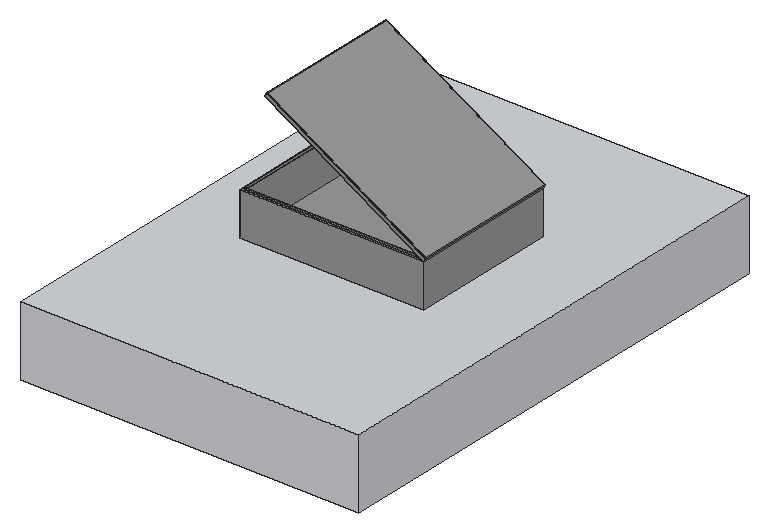
Revit family "Hager-Univers-IP44-D205-H650-Cl.II-Encl-PT-pt", category Equipement électrique, Revit 2020
Family settings
  Hôte = Face
  Configuration du panneau = Deux colonnes, circuits au sein
  Cote de connecteur circulaire = Utiliser le diamètre
  Type d'élément = Tableau de raccordement
  Couper avec des vides une fois chargée = Non
  Partagée = Non
  Point de calcul de pièce = Non
Parameters (values of type "Montagem em superfície (gesso) IP44 L800 A650 P205  - FP43SN2")
  Width Control [instance] = if([EF000008 - Largura] > Min Width, [EF000008 - Largura], Min Width)  # 800 mm
  Commentaires du type = [HG000003 - Gama]  # "Univers"
  Thickness Door [instance] = if([EF009171 - Espessura do material da porta/tampa] > 3 mm, 3 mm, [EF009171 - Espessura do material da porta/tampa])  # 1 mm
  Seal Frame Offset [instance] = 17 mm  # constant formula
  Plinth Visibility [instance] = [HG000027 - Altura da Plinta] > 0 mm  # no
  Model = ""
  Min Width [instance] = 100 mm  # constant formula
  Min Height [instance] = 100 mm  # constant formula
  Min Depth [instance] = (2 * [EF009170 - Espessura do material do invólucro]) + 1 mm  # 3 mm
  Internal Frame Depth [instance] = (Door System Depth * 0.5)  # 9 mm
  Height Control [instance] = if([EF000040 - Altura] > Min Height, [EF000040 - Altura], Min Height)  # 650 mm
  HG000027 - Altura da Plinta = 0 mm
  HG000026 - Instalação no chão = no
  HG000024 - Altura da secção inferior = 800 mm
  HG000023 - Recinto de secção dupla = no
  HG000016 - Visibilidade da porta 3D [instance] = yes
  HG000015 - Visibilidade através da porta [instance] = no
  HG000014 - Porta à direita [instance] = yes
  HG000013 - Porta à esquerda [instance] = not([HG000014 - Porta à direita])  # no
  HG000012 - Ângulo de abertura de porta [instance] = 30.00°
  HG000010 - Portas assimétricas = no
  HG000009 - Porta dupla = no
  HG000006 - Encastrado = no
  HG000004 - Referência do Fabricante = "FP43SN2"
  HG000003 - Gama = "Univers"
  HG000002 - Com porta ou tampa = yes
  Frame Offset Bottom [instance] = 10 mm  # constant formula
  Frame Offset [instance] = 15 mm  # constant formula
  EF015940 - Tampa com libertação de sobrepressão = no
  EF011959 - Grau de proteção (NEMA) = ""
  EF009554 - Número de aberturas para placas de flange = 6
  Fabricant = "Hager"  # constant formula
  EF009212 - Tipo de tampa = "EV000116 - Fechado"
  EF009171 - Espessura do material da porta/tampa = 1 mm
  EF009170 - Espessura do material do invólucro = 1 mm
  EF008873 - Corrente nominal (In) = 250 A
  EF007800 - Adequado para proteção contra raios = no
  EF006306 - Com fecho = no
  EF006244 - Tampa/porta transparente = no
  EF005474 - Grau de proteção (IP) = "EV006418 - IP44"
  EF004464 - Tipo de porta = "EV002646 - Único"
  EF004427 - Número de módulos = 144
  EF004293 - Força de impacto = "EV006815 - IK09"
  EF003532 - Adequado para uso no exterior = no
  EF002950 - Largura em número de módulos = 36
  EF001613 - Integridade do circuito = "EV000494 - Nenhum"
  EF001596 - Material do corpo = "EV000179 - Aço"
  EF001131 - Profundidade interior = 143 mm
  EF001088 - Extensão possível = yes
  EF000437 - Número de entradas de condutores = 6
  EF000339 - Tipo de difusor = "EV001012 - Tampa"
  EF000266 - Número de linhas = 4
  EF000218 - Profundidade incorporada = 205 mm
  EF000118 - Com tampa de montagem = no
  EF000116 - Número RAL = "9010"
  EF000049 - Profundidade = 205 mm
  EF000040 - Altura = 650 mm
  EF000008 - Largura = 800 mm
  EF000007 - Cor = "EV000202 - Branco"
  EF000003 - Método de montagem = "EV000384 - Montagem em superfície (gesso)"
  Door System Leaf Tolerance [instance] = 1.5 mm  # constant formula
  Door System Depth [instance] = 18 mm  # constant formula
  Door Height [instance] = Height Control - [HG000027 - Altura da Plinta]  # 650 mm
  Depth Control [instance] = if([EF000049 - Profundidade] > Min Depth, [EF000049 - Profundidade], Min Depth)  # 205 mm
  Default Elevation = 0 mm
  Connector Offset [instance] = Height Control / 2  # 325 mm
  Bottom Top Plate Trim [instance] = 1.5 mm  # constant formula
  Plinth height Ctrl [instance] = if([HG000027 - Altura da Plinta] > 0 mm, [HG000027 - Altura da Plinta], 12 mm)  # 12 mm
Types (5, lengths in mm): name | Width Control | HG000010 - Portas assimétricas | HG000009 - Porta dupla | HG000004 - Referência do Fabricante | EF009554 - Número de aberturas para placas de flange | EF004464 - Tipo de porta | EF004427 - Número de módulos | EF002950 - Largura em número de módulos | EF000437 - Número de entradas de condutores | EF000008 - Largura
  Montagem em superfície (gesso) IP44 L1050 A650 P205  - FP44SN2 | 1050 | no | yes | "FP44SN2" | 8 | "EV003602 - Duplo" | 192 | 48 | 8 | 1050
  Montagem em superfície (gesso) IP44 L1300 A650 P205  - FP45SN2 | 1300 | yes | yes | "FP45SN2" | 10 | "EV003602 - Duplo" | 240 | 60 | 10 | 1300
  Montagem em superfície (gesso) IP44 L300 A650 P205  - FP41SN2 | 300 | no | no | "FP41SN2" | 2 | "EV002646 - Único" | 48 | 12 | 2 | 300
  Montagem em superfície (gesso) IP44 L550 A650 P205  - FP42SN2 | 550 | no | no | "FP42SN2" | 4 | "EV002646 - Único" | 96 | 24 | 4 | 550
  Montagem em superfície (gesso) IP44 L800 A650 P205  - FP43SN2 | 800 | no | no | "FP43SN2" | 6 | "EV002646 - Único" | 144 | 36 | 6 | 800
Reference planes
  plane 1 "Center (Front/Back)": y = 0
  plane 2: z = 0
  plane 3 "Center (Left/Right)": x = 0
  plane 4: z = 205
  plane 5: y = 1
  plane 6: y = 325
  plane 7: y = 0
  plane 8: y = 650
  plane 9: z = 0
  plane 10: x = -385
  plane 11: x = 385
  plane 12: x = 384
  plane 13: x = -384
  plane 14: y = 649
  plane 15: x = -383
  plane 16: x = -400
  plane 17: x = 383
  plane 18: x = 400
  plane 19: x = 399
  plane 20: x = -399
  plane 21: y = 11
  plane 22: y = 650
  plane 23: y = 634
  plane 24: z = 187
  plane 25: z = 1
  plane 26: z = 186
  plane 27: z = 204
Forms (mm)
  Extrusion 1, solid
    sketch origin (0, 0, 0) x (1, 0, 0) y (0, 1, 0)
      loop
        line (-702.964, 1305) -> (-702.964, -811.445) -> (766.763, -811.445) -> (766.763, 1305) -> (-702.964, 1305)
    from 0 to -304.8
  Extrusion 2, solid, material "Hager_Steel_RAL7035_Light_Grey", visible <- "Plinth Visibility", detail levels medium+fine
    sketch origin (0, 0, 0) x (1, 0, 0) y (0, 1, 0)
      loop
        line (-400, 0) -> (400, 0) -> (400, 12) -> (-400, 12) -> (-400, 0)
    from 0 to 187
  Extrusion 3, solid, material "Hager_Steel_RAL7035_Light_Grey", detail levels medium+fine
    sketch origin (0, 0, 0) x (1, 0, 0) y (0, 1, 0)
      loop
        line (-400, 0) -> (400, 0) -> (400, 650) -> (-400, 650) -> (-400, 0)
    from 0 to 187
  Extrusion 4, void
    sketch origin (0, 0, 0) x (1, 0, 0) y (0, 1, 0)
      loop
        line (-399, 1) -> (399, 1) -> (399, 649) -> (-399, 649) -> (-399, 1)
    from 1 to 186
  Extrusion 5, void
    sketch origin (-381.607, -4572, 187) x (0, -1, 0) y (-1, 0, 0)
      loop
        line (-4583, 2.393) -> (-5206, 2.393) -> (-5206, -765.607) -> (-4583, -765.607) -> (-4583, 2.393)
    from 0 to 1 <- "EF009170 - Espessura do material do invólucro"
  Extrusion 6, solid, material "Hager_Steel_RAL7035_Light_Grey", detail levels fine
    sketch origin (0, 0, 187) x (1, 0, 0) y (0, 1, 0)
      loop
        line (-384, 634) -> (-384, 11) -> (384, 11) -> (384, 634) -> (-384, 634)
      loop
        line (-385, 10) -> (385, 10) -> (385, 635) -> (-385, 635) -> (-385, 10)
    from 0 to 9 <- "Internal Frame Depth"
  Extrusion 7, solid, material "Hager_Steel_RAL7035_Light_Grey", detail levels coarse
    sketch origin (0, 0, 0) x (1, 0, 0) y (0, 1, 0)
      loop
        line (-400, 0) -> (400, 0) -> (400, 650) -> (-400, 650) -> (-400, 0)
    from 0 to 205
  Sweep 8, void
    path in 3D
      loop
        line (-400, 12, 0) -> (400, 12, 0) -> (400, 12, 187) -> (-400, 12, 187) -> (-400, 12, 0)
    profile origin (-400, 12, 93.5) x (-1, 0, 0) y (0, -1, 0)
      loop
        line (0, 0) -> (0, 1.5) -> (-1.5, 1.5)
        arc (-1.5, 1.5) -> (-1.061, 0.439) -> (0, 0) r 1.5
Cuts and joins
  Extrusion 4, Extrusion 5 cuts Extrusion 3
  Sweep 8 cuts Extrusion 2
Lines and regions (mm)
  Masking region 1
    outline origin (0, 0, 0) x (1, 0, 0) y (0, 0, 1)
      loop
        line (-400, 205) -> (-400, 0) -> (400, 0) -> (400, 205) -> (-400, 205)
  Masking region 2, detail levels medium+fine
    outline origin (0, 140, 0) x (0, 1, 0) y (0, 0, 1)
      loop
        line (-140, 0) -> (510, 0) -> (510, 187) -> (-140, 187) -> (-140, 0)
  Masking region 3, not visible, detail levels medium+fine
    outline origin (0, 297.922, 0) x (0, 1, 0) y (0, 0, 1)
      loop
        line (38.578, 0) -> (78.578, 0) -> (78.578, 194)
        arc (78.578, 194) -> (75.649, 201.071) -> (68.578, 204) r 10
        line (68.578, 204) -> (38.578, 204) -> (38.578, 0)
  Masking region 4, detail levels coarse
    outline origin (0, 0, 180) x (0, 1, 0) y (0, 0, 1)
      loop
        line (0, -180) -> (650, -180) -> (650, 25) -> (0, 25) -> (0, -180)
  Masking region 5, visible <- "Plinth Visibility", detail levels medium+fine
    outline origin (0, 52.24, 12.345) x (0, 0, -1) y (0, 1, 0)
      loop
        line (10.845, -40.24) -> (-173.155, -40.24)
        arc (-173.155, -40.24) -> (-173.594, -41.301) -> (-174.655, -41.74) r 1.5
        line (-174.655, -41.74) -> (-174.655, -52.24) -> (12.345, -52.24) -> (12.345, -41.74)
        arc (12.345, -41.74) -> (11.285, -41.301) -> (10.845, -40.24) r 1.5
  Masking region 6, detail levels medium+fine
    outline origin (-381.607, -4572, 187) x (-1, 0, 0) y (0, -1, 0)
      loop
        line (18.393, -5222) -> (18.393, -4572) -> (-781.607, -4572) -> (-781.607, -5222) -> (18.393, -5222)
  Masking region 7, visible <- "Plinth Visibility", detail levels medium+fine
    outline origin (-381.607, -4727, 187) x (-1, 0, 0) y (0, -1, 0)
      loop
        arc (16.893, -4739) -> (17.332, -4737.939) -> (18.393, -4737.5) r 1.5
        line (18.393, -4737.5) -> (18.393, -4727) -> (-781.607, -4727) -> (-781.607, -4737.5)
        arc (-781.607, -4737.5) -> (-780.546, -4737.939) -> (-780.107, -4739) r 1.5
        line (-780.107, -4739) -> (16.893, -4739)
  Masking region 8, detail levels coarse
    outline origin (-442.548, -4669.526, 187) x (-1, 0, 0) y (0, -1, 0)
      loop
        line (-42.548, -5319.526) -> (-42.548, -4669.526) -> (-842.548, -4669.526) -> (-842.548, -5319.526) -> (-42.548, -5319.526)
  sketch lines
    curve 1: line (-400, 12, 187) -> (-400, 12, 0)
    curve 2: line (400, 12, 187) -> (-400, 12, 187)
    curve 3: line (400, 12, 187) -> (400, 12, 0)
    curve 4: line (-400, 12, 0) -> (400, 12, 0)
Dimensions and locks
  "Depth Control": plane 4 to Extrusion 1
  "HG000027 - Altura da Plinta": plane 1 "Center (Front/Back)" to plane 7
  "EF009170 - Espessura do material do invólucro": plane 5 to plane 7
  locked: connector elem to plane 3 "Center (Left/Right)"
  equal spacing: plane 8, plane 6, plane 7
  locked: connector elem to plane 6
  "EF009170 - Espessura do material do invólucro": plane 8 to plane 14
  "EF009170 - Espessura do material do invólucro": plane 10 to plane 13
  "EF009170 - Espessura do material do invólucro": plane 12 to plane 11
  "Frame Offset": plane 20 to plane 13
  "Frame Offset": plane 12 to plane 19
  "EF009170 - Espessura do material do invólucro": plane 16 to plane 20
  "EF009170 - Espessura do material do invólucro": plane 19 to plane 18
  "Seal Frame Offset": plane 16 to plane 15
  "Seal Frame Offset": plane 17 to plane 18
  "Frame Offset Bottom": plane 21 to plane 5
  "Frame Offset": plane 14 to plane 23
  equal spacing: plane 16, plane 3 "Center (Left/Right)", plane 18
  "Width Control": plane 16 to plane 18
  "EF009170 - Espessura do material do invólucro": plane 4 to plane 27
  "EF009170 - Espessura do material do invólucro": plane 24 to plane 26
  "EF009170 - Espessura do material do invólucro": plane 25 to level
  "Door System Depth": plane 4 to plane 24
  "Height Control": plane 1 "Center (Front/Back)" to Extrusion 7 sketch curve
  "Height Control": Masking region 4 sketch curve to plane 1 "Center (Front/Back)"
  "Height Control": plane 1 "Center (Front/Back)" to plane 22
  "Bottom Top Plate Trim": profile plane to Sweep 8 sketch curve
  "Bottom Top Plate Trim": Sweep 8 sketch curve to profile plane
  "Plinth height Ctrl": plane 1 "Center (Front/Back)" to Extrusion 2 sketch curve
  "Plinth height Ctrl": Masking region 5 sketch curve to plane 1 "Center (Front/Back)"
  "Plinth height Ctrl": plane 1 "Center (Front/Back)" to Masking region 7 sketch curve
  "Thickness Door": Extrusion 6 sketch curve to Extrusion 6 sketch curve  (x3)
  "Thickness Door": cut or joined group of Extrusion 3, Extrusion 4, Extrusion 5 to Extrusion 6 sketch curve
  radius of Masking region 3 sketch curve = 10 mm
  "Bottom Top Plate Trim": radius of Masking region 5 sketch curve  (x2)
  "Bottom Top Plate Trim": radius of Sweep 8 sketch curve
  "Bottom Top Plate Trim": radius of Masking region 7 sketch curve  (x2)
  aligned and locked: plane 2 to Extrusion 1
  aligned and locked: level to Extrusion 1
  aligned and locked: level to Masking region 1 sketch curve
  aligned and locked: Masking region 1 sketch curve to plane 18
  aligned and locked: Masking region 1 sketch curve to plane 16
  aligned and locked: plane 7 to Masking region 2 sketch curve
  aligned and locked: level to Masking region 3 sketch curve
  aligned and locked: Masking region 3 sketch curve to plane 27
  aligned and locked: level to Masking region 2 sketch curve
  aligned and locked: plane 1 "Center (Front/Back)" to Extrusion 2 sketch curve
  aligned and locked: Extrusion 3 sketch curve to plane 7
  aligned and locked: plane 16 to Extrusion 3 sketch curve
  aligned and locked: plane 18 to Extrusion 3 sketch curve
  aligned and locked: plane 20 to Extrusion 4 sketch curve
  aligned and locked: plane 19 to Extrusion 4 sketch curve
  aligned and locked: Extrusion 4 sketch curve to plane 5
  aligned and locked: Extrusion 4 to plane 25
  aligned and locked: plane 26 to Extrusion 4
  aligned and locked: plane 24 to Extrusion 3
  aligned and locked: Extrusion 5 sketch curve to plane 21
  aligned and locked: Extrusion 5 sketch curve to plane 13
  aligned and locked: Extrusion 5 sketch curve to plane 12
  aligned and locked: plane 18 to Extrusion 7 sketch curve
  aligned and locked: plane 1 "Center (Front/Back)" to Extrusion 7 sketch curve
  aligned and locked: plane 16 to Extrusion 7 sketch curve
  aligned and locked: plane 4 to Extrusion 7
  aligned and locked: Extrusion 7 to level
  aligned and locked: level to Masking region 4 sketch curve
  aligned and locked: Masking region 4 sketch curve to plane 1 "Center (Front/Back)"
  aligned and locked: Masking region 4 sketch curve to plane 4
  aligned and locked: nested 1 to level
  aligned and locked: nested 1 to plane 16
  aligned and locked: plane 8 to Extrusion 3 sketch curve
  aligned and locked: plane 23 to Extrusion 5 sketch curve
  aligned and locked: plane 14 to Extrusion 4 sketch curve
  aligned and locked: Masking region 2 sketch curve to plane 8
  aligned and locked: level to Masking region 5 sketch curve
  aligned and locked: plane 16 to Extrusion 2 sketch curve
  aligned and locked: plane 18 to Extrusion 2 sketch curve
  aligned and locked: Masking region 5 sketch curve to plane 24
  aligned and locked: Masking region 2 sketch curve to plane 24
  aligned and locked: plane 24 to Extrusion 2
  aligned and locked: profile plane to Sweep 8 sketch curve  (x2)
  aligned and locked: Masking region 6 sketch curve to plane 18
  aligned and locked: Masking region 6 sketch curve to plane 22
  aligned and locked: Masking region 6 sketch curve to plane 16
  aligned and locked: plane 8 to plane 22
  aligned and locked: Masking region 6 sketch curve to plane 7
  aligned and locked: Masking region 7 sketch curve to plane 16
  aligned and locked: Masking region 7 sketch curve to plane 1 "Center (Front/Back)"
  aligned and locked: Masking region 7 sketch curve to plane 18
  aligned and locked: Masking region 8 sketch curve to plane 1 "Center (Front/Back)"
  aligned and locked: Masking region 8 sketch curve to plane 18
  aligned and locked: Masking region 8 sketch curve to plane 22
  aligned and locked: Masking region 8 sketch curve to plane 16
  aligned and locked: nested 2 to plane 7
  aligned and locked: plane 3 "Center (Left/Right)" to nested 2
  aligned and locked: nested 2 to plane 24
  aligned and locked: Extrusion 6 sketch curve to cut or joined group of Extrusion 3, Extrusion 4, Extrusion 5  (x4)
Automatic sketch dimensions
  Extrusion 1 sketch curve to Extrusion 1 sketch curve = 1469.727 mm
  Extrusion 1 sketch curve to Extrusion 1 sketch curve = 2116.445 mm
  Masking region 1 sketch curve to plane 4 = 0 mm
  plane 6 to Masking region 3 sketch curve = 11.5 mm
  Masking region 3 sketch curve to Masking region 3 sketch curve = 30 mm
  Masking region 5 sketch curve to plane 1 "Center (Front/Back)" = 0 mm
Nested families
  nested 1: "Hager_Enclosure_Symbol" at (-400, 0, 0) x (1, 0, 0) z (0, -1, 0), Height <- "Depth Control", Width <- "Width Control", type "Hager_Enclosure_Symbol"
    with Width_Ctrl 800 mm, Width 800 mm, Height_Ctrl 205 mm, Height 205 mm, A_Width_Int 13.453 mm, A_Width 161.438 mm, A_Height_Ctrl 179.375 mm, A_Height 179.375 mm
  nested 2: "EC000058_Univers_Door" at (0, 0, 187) x (1, 0, 0) z (0, 1, 0), Leaf_Tolerance <- "Door System Leaf Tolerance", Angle <- "HG000012 - Ângulo de abertura de porta", Door_Depth <- "Door System Depth", Door_Left <- "HG000013 - Porta à esquerda", Transparent <- "EF006244 - Tampa/porta transparente", Assymetrical <- "HG000010 - Portas assimétricas", Width <- "Width Control", Clearance <- "HG000015 - Visibilidade através da porta", Double <- "HG000009 - Porta dupla", 3d_Door <- "HG000016 - Visibilidade da porta 3D", Lock_Visibility <- "EF006306 - Com fecho", Width_Ctrl <- "Width Control", Door_Right <- "HG000014 - Porta à direita", Door <- "HG000002 - Com porta ou tampa", Height <- "Door Height", Thickness <- "Thickness Door", type "EC000058_Univers_Door", detail levels medium+fine
    with min_wh 3 mm, Width_Ctrl 800 mm, Width 800 mm, Transparent no, Thickness 1 mm, Seal_Material Hager_Rubber, Lock_Visibility no, Lock_Material Hager_Plastic_RAL9005_Jet_Black, Leaf_Width 800 mm, Leaf_Tolerance_External_Sides 0 mm, Leaf_Tolerance 1.5 mm, Leaf_Offset 0 mm, Leaf_Height 647 mm, Leaf_2_Width 800 mm, Leaf_2_Offset 400 mm, Leaf_1_Width 800 mm, Leaf_1_Offset 400 mm, Height_Ctrl 650 mm, Height 650 mm, Glass_Material Hager_Glass, Double_Clearance_Ctrl no, Double no, Door_Right_Ctrl yes, Door_Right yes, Door_Material Hager_Steel_RAL7035_Light_Grey, Door_Left_Ctrl no, Door_Left no, Door_Depth 18 mm, Door yes, Clearance_Material Hager_Clearance, Clearance_Depth 800 mm, Clearance_Ctrl no, Clearance no, Assymetrical no, Angle 30.00°, 3d_Door yes
Connectors
  electrical at (0, 325, 0)
    settings: on plane 9, index 1, voltage 0 V, apparent load 0 VA, apparent load phase1 0 VA, apparent load phase2 0 VA, apparent load phase3 0 VA, power factor 1, load classification "Other", number of poles 1, system type 30, power factor state 1, is connector primary yes, connector utility no, sub classification motor no, connector description ""
Definition of nested family "EC000058_Univers_Door"
  Parameters (values of type "EC000058_Univers_Door")
    min_wh [instance] = (2 * Thickness) + 1 mm  # 11 mm
    Width_Ctrl [instance] = 400 mm
    Width [instance] = 500 mm
    Transparent [instance] = yes
    Thickness [instance] = 5 mm
    Seal_Material [instance] = none
    Lock_Visibility [instance] = yes
    Lock_Material [instance] = none
    Leaf_Width [instance] = if((Width_Ctrl - 2 * Leaf_Tolerance_External_Sides) > 0 mm, (Width_Ctrl - 2 * Leaf_Tolerance_External_Sides), min_wh)  # 400 mm
    Leaf_Tolerance_External_Sides [instance] = 0 mm  # constant formula
    Leaf_Tolerance [instance] = 1.5 mm
    Leaf_Offset [instance] = 0 mm  # constant formula
    Leaf_Height [instance] = if((Height_Ctrl - 2 * Leaf_Tolerance) > 0 mm, (Height_Ctrl - 2 * Leaf_Tolerance), min_wh)  # 497 mm
    Leaf_2_Width [instance] = if(and(and(Double, Assymetrical), Door_Left), (Leaf_Width / 3) - (Leaf_Tolerance / 2), if(and(and(Double, Assymetrical), Door_Right), (Leaf_Width / 3) * 2 - (Leaf_Tolerance / 2), if(and(Double, not(Assymetrical)), (Leaf_Width / 2) - Leaf_Tolerance, Leaf_Width)))  # 400 mm
    Leaf_2_Offset [instance] = if(and(Double, Assymetrical), Leaf_2_Width / 2, if(and(Double, not(Assymetrical)), Leaf_Width / 4, Leaf_Width / 2))  # 200 mm
    Leaf_1_Width [instance] = if(and(and(Double, Assymetrical), Door_Right), (Leaf_Width / 3) - (Leaf_Tolerance / 2), if(and(and(Double, Assymetrical), Door_Left), (Width / 3) * 2 - (Leaf_Tolerance / 2), if(and(Double, not(Assymetrical)), (Leaf_Width / 2) - Leaf_Tolerance, Leaf_Width)))  # 400 mm
    Leaf_1_Offset [instance] = if(and(Double, Assymetrical), Leaf_1_Width / 2, if(and(Double, not(Assymetrical)), Leaf_Width / 4, Leaf_Width / 2))  # 200 mm
    Height_Ctrl [instance] = if(Height > min_wh, Height, min_wh)  # 500 mm
    Height [instance] = 500 mm
    Glass_Material [instance] = none
    Double_Clearance_Ctrl [instance] = and(Double, Clearance)  # no
    Double [instance] = no
    Door_Right_Ctrl [instance] = and(or(Door_Right, Double), Door)  # yes
    Door_Right [instance] = yes
    Door_Material [instance] = none
    Door_Left_Ctrl [instance] = and(or(Door_Left, Double), Door)  # no
    Door_Left [instance] = no
    Door_Depth [instance] = 30 mm
    Door [instance] = yes
    Default Elevation = 1219.2 mm
    Clearance_Material [instance] = none
    Clearance_Depth [instance] = if(Leaf_1_Width > Leaf_2_Width, Leaf_1_Width, Leaf_2_Width)  # 400 mm
    Clearance_Ctrl [instance] = and(not(Double), Clearance)  # yes
    Clearance [instance] = yes
    Assymetrical [instance] = yes
    Angle [instance] = 30.00°
    3d_Door [instance] = yes
  Reference planes
    plane 1 "Center (Front/Back)": y = 0
    plane 2 "Bottom": z = 0
    plane 3 "Center (Left/Right)": x = 0
    plane 4: z = 500
    plane 5: x = -200
    plane 6: x = 200
    plane 7: z = 500
    plane 8: x = -200
    plane 9: z = 0
    plane 10: x = 200
    plane 11: y = 0
    plane 12: z = 1.5
    plane 13: x = -600
    plane 14: y = -400
    plane 15: x = 600
    plane 16: x = 0
    plane 17: x = 0
    plane 18: x = -200
    plane 19: x = 200
    plane 20: z = 498.5
  Forms (mm)
    Extrusion 1, solid, material <- "Clearance_Material", visible <- "Double_Clearance_Ctrl"
      sketch origin (1200, 0, 0) x (1, 0, 0) y (0, 0, -1)
        loop
          line (-1800, -498.5) -> (-600, -498.5) -> (-600, 0) -> (-1800, 0) -> (-1800, -498.5)
      from 0 to -400
  Dimensions and locks
    equal spacing: plane 5, plane 3 "Center (Left/Right)", plane 6
    "Width_Ctrl": plane 5 to plane 6
    "Leaf_Offset": plane 5 to plane 8
    "Leaf_Offset": plane 6 to plane 10
    "Leaf_Offset": plane 9 to level
    "Leaf_Offset": plane 4 to plane 7
    "Height_Ctrl": plane 4 to level
    "Leaf_Tolerance": plane 12 to plane 9
    locked: plane 11 to plane 1 "Center (Front/Back)"
    "Leaf_1_Offset": plane 18 to plane 16
    "Leaf_2_Offset": plane 17 to plane 19
    "Leaf_1_Width": plane 13 to plane 8
    "Leaf_2_Width": plane 10 to plane 15
    "Clearance_Depth": plane 14 to plane 1 "Center (Front/Back)"
    "Leaf_Tolerance_External_Sides": plane 8 to plane 18
    "Leaf_Tolerance_External_Sides": plane 19 to plane 10
    "Leaf_Tolerance": plane 7 to plane 20
    aligned and locked: level to plane 2 "Bottom"
    aligned and locked: nested 1 to plane 16
    aligned and locked: nested 2 to plane 17
    aligned and locked: Extrusion 1 to plane 13
    aligned and locked: plane 15 to Extrusion 1
    aligned and locked: Extrusion 1 to plane 14
    aligned and locked: plane 12 to nested 1
    aligned and locked: nested 2 to plane 12
    aligned and locked: Extrusion 1 to plane 11
    aligned and locked: plane 20 to Extrusion 1
    aligned and locked: nested 2 to plane 11
    aligned and locked: nested 1 to plane 11
  Automatic sketch dimensions
    Extrusion 1 sketch curve to level = 0 mm
    plane 5 to Extrusion 1 sketch curve = 400 mm
    plane 6 to Extrusion 1 sketch curve = 400 mm
    Extrusion 1 sketch curve to plane 4 = 1.5 mm
  Nested families
    nested 1: "EC000058_Univers_Door_Leaf" at (0, 0, 1.5), Width <- "Leaf_1_Width", visible <- "Door_Left_Ctrl", Leaf_Height <- "Leaf_Height", Angle <- "Angle", 3d_Door <- "3d_Door", Transparent <- "Transparent", Clearance Material <- "Clearance_Material", Clearance <- "Clearance_Ctrl", Door_Material <- "Door_Material", Glass_Material <- "Glass_Material", Door_Depth <- "Door_Depth", Lock_Material <- "Lock_Material", Seal_Material <- "Seal_Material", Lock_Visibility <- "Lock_Visibility", Thickness <- "Thickness", type "EC000058_Univers_Door_Leaf"
      with Width 400 mm, Transparent_Glass_Offset 30 mm, Transparent_Ctrl yes, Transparent yes, Thickness 5 mm, Standard no, Seal_Material none, Seal_D2 8 mm, Seal_D1 1 mm, Offset_Internal_Frame 10 mm, Lock_Width 20 mm, Lock_Visibility_3d yes, Lock_Visibility yes, Lock_Thickness_3 3 mm, Lock_Thickness_2 1 mm, Lock_Thickness_1 3 mm, Lock_Radius_Offset_2 16 mm, Lock_Radius_Offset_1 15 mm, Lock_Radius_2 5 mm, Lock_Radius 6 mm, Lock_Offset 5 mm, Lock_Material none, Lock_Height 80 mm, Lock_Cover_Top_Offset_2d 17 mm, Lock_Cover_Height -65 mm, Leaf_Height 497 mm, Internal_Seal_Thickness 8 mm, Internal_Seal_Depth_2 4.5 mm, Internal_Frame_Depth 25 mm, Glass_Thickness -1 mm, Glass_Offset -2 mm, Glass_Material none, Door_Material none, Door_Depth 30 mm, Clearance Material none, Clearance yes, Angle_Ctrl 30.00°, Angle 30.00°, 3d_Door yes
    nested 2: "EC000058_Univers_Door_Leaf" at (0, 0, 1.5) x (-1, 0, 0) z (0, 0, 1), Width <- "Leaf_2_Width", visible <- "Door_Right_Ctrl", Leaf_Height <- "Leaf_Height", Angle <- "Angle", 3d_Door <- "3d_Door", Transparent <- "Transparent", Clearance Material <- "Clearance_Material", Clearance <- "Clearance_Ctrl", Door_Material <- "Door_Material", Glass_Material <- "Glass_Material", Door_Depth <- "Door_Depth", Lock_Material <- "Lock_Material", Seal_Material <- "Seal_Material", Lock_Visibility <- "Lock_Visibility", Thickness <- "Thickness", type "EC000058_Univers_Door_Leaf"
      with Width 400 mm, Transparent_Glass_Offset 30 mm, Transparent_Ctrl yes, Transparent yes, Thickness 5 mm, Standard no, Seal_Material none, Seal_D2 8 mm, Seal_D1 1 mm, Offset_Internal_Frame 10 mm, Lock_Width 20 mm, Lock_Visibility_3d yes, Lock_Visibility yes, Lock_Thickness_3 3 mm, Lock_Thickness_2 1 mm, Lock_Thickness_1 3 mm, Lock_Radius_Offset_2 16 mm, Lock_Radius_Offset_1 15 mm, Lock_Radius_2 5 mm, Lock_Radius 6 mm, Lock_Offset 5 mm, Lock_Material none, Lock_Height 80 mm, Lock_Cover_Top_Offset_2d 17 mm, Lock_Cover_Height -65 mm, Leaf_Height 497 mm, Internal_Seal_Thickness 8 mm, Internal_Seal_Depth_2 4.5 mm, Internal_Frame_Depth 25 mm, Glass_Thickness -1 mm, Glass_Offset -2 mm, Glass_Material none, Door_Material none, Door_Depth 30 mm, Clearance Material none, Clearance yes, Angle_Ctrl 30.00°, Angle 30.00°, 3d_Door yes
  Definition of nested family "EC000058_Univers_Door_Leaf"
    Parameters (values of type "EC000058_Univers_Door_Leaf")
      Width [instance] = 2000 mm
      Transparent_Glass_Offset [instance] = 30 mm
      Transparent_Ctrl [instance] = and(Transparent, [3d_Door])  # yes
      Transparent [instance] = yes
      Thickness [instance] = 5 mm
      Standard [instance] = and(not(Transparent), [3d_Door])  # no
      Seal_Material [instance] = none
      Seal_D2 [instance] = 8 mm  # constant formula
      Seal_D1 [instance] = 1 mm  # constant formula
      Offset_Internal_Frame [instance] = 10 mm  # constant formula
      Lock_Width [instance] = 20 mm  # constant formula
      Lock_Visibility_3d [instance] = and(Lock_Visibility, [3d_Door])  # yes
      Lock_Visibility [instance] = yes
      Lock_Thickness_3 [instance] = 3 mm  # constant formula
      Lock_Thickness_2 [instance] = 1 mm  # constant formula
      Lock_Thickness_1 [instance] = 3 mm  # constant formula
      Lock_Radius_Offset_2 [instance] = Lock_Radius_Offset_1 + 1 mm  # 16 mm
      Lock_Radius_Offset_1 [instance] = 15 mm  # constant formula
      Lock_Radius_2 [instance] = Lock_Radius - 1 mm  # 5 mm
      Lock_Radius [instance] = 6 mm  # constant formula
      Lock_Offset [instance] = 5 mm  # constant formula
      Lock_Material [instance] = none
      Lock_Height [instance] = 80 mm  # constant formula
      Lock_Cover_Top_Offset_2d [instance] = Lock_Radius_Offset_2 + 1 mm  # 17 mm
      Lock_Cover_Height [instance] = -(Lock_Height - Lock_Radius_Offset_1)  # -65 mm
      Leaf_Height [instance] = 2720.336 mm
      Internal_Seal_Thickness [instance] = 8 mm  # constant formula
      Internal_Seal_Depth_2 [instance] = 4.5 mm  # constant formula
      Internal_Frame_Depth [instance] = if(Door_Depth - Thickness > 5 mm, Door_Depth - Thickness, 5 mm)  # 25 mm
      Glass_Thickness [instance] = if(Thickness > 15 mm, Glass_Offset + 10 mm, -1 mm)  # -1 mm
      Glass_Offset [instance] = if(Thickness > 15 mm, -(Thickness + 10 mm) / 2, -2 mm)  # -2 mm
      Glass_Material [instance] = none
      Door_Material [instance] = none
      Door_Depth [instance] = 30 mm
      Default Elevation = 0 mm
      Clearance Material [instance] = none
      Clearance [instance] = yes
      Angle_Ctrl [instance] = if(Angle > 180.00°, 180.00°, Angle)  # 90.00°
      Angle [instance] = 90.00°
      3d_Door [instance] = yes
    Reference planes
      plane 1 "Center (Front/Back)": y = 0
      plane 2: z = 0
      plane 3 "Center (Left/Right)": x = 0
      plane 4: y = 2000
      plane 5: x = -1000
      plane 6: x = 1000
      plane 7: x = -3000
      plane 8: z = 2720.336
      plane 9: z = 30
      plane 10: z = 2690.336
      plane 11: x = 970
      plane 12: x = -970
      plane 13: y = -3
      plane 14: z = 107.833
      plane 15: y = -5
      plane 16: y = -223.314
      plane 17: x = -1000
      plane 18: z = 1360.168
      plane 19: y = 30
    Forms (mm)
      Extrusion 1, solid, material <- "Clearance Material", visible <- "Clearance"
        sketch origin (0, 0, 0) x (1, 0, 0) y (0, 0, 1)
          loop
            line (-3000, 2720.336) -> (-3000, 0) -> (1000, 0) -> (1000, 2720.336) -> (-3000, 2720.336)
        from 0 to -2000
      Extrusion 2, solid, material <- "Door_Material", visible <- "Standard", detail levels medium+fine
        sketch origin (-1000, 0, 0) x (0, 1, 0) y (-1, 0, 0)
          loop
            line (0, 30) -> (0, 25) -> (2000, 25) -> (2000, 30) -> (0, 30)
        from 0 to 2720.336 <- "Leaf_Height"
      Extrusion 3, solid, material <- "Door_Material", visible <- "Transparent_Ctrl", detail levels medium+fine
        sketch origin (-1000, 0, 0) x (0, 1, 0) y (-1, 0, 0)
          loop
            line (0, 25) -> (2000, 25) -> (2000, 30) -> (0, 30) -> (0, 25)
        from 0 to 2720.336 <- "Leaf_Height"
      Extrusion 4, void
        sketch origin (-1025, 2000, 0) x (0, 1, 0) y (0, 0, -1)
          loop
            line (-30, -2690.336) -> (-30, -30) -> (-1970, -30) -> (-1970, -2690.336) -> (-30, -2690.336)
        from 0 to 5 <- "Thickness"
      Sweep 5, solid, material <- "Seal_Material", visible <- "Transparent_Ctrl", detail levels fine
        path in 3D
          loop
            line (-1025, 30, 30) -> (-1025, 30, 2690.336) -> (-1025, 1970, 2690.336) -> (-1025, 1970, 30) -> (-1025, 30, 30)
        profile origin (-1025, 1000, 30) x (1, 0, 0) y (0, 0, 1)
          loop
            line (0, 0) -> (0, -8) -> (1, -8) -> (1, 0) -> (0, 0)
      Extrusion 6, solid, material <- "Glass_Material", visible <- "Transparent_Ctrl", detail levels medium+fine
        sketch origin (-1030, 0, 0) x (0, 1, 0) y (0, 0, -1)
          loop
            line (1970, -2690.336) -> (1970, -30) -> (30, -30) -> (30, -2690.336) -> (1970, -2690.336)
        from -2 <- "Glass_Offset" to -1 <- "Glass_Thickness"
      Extrusion 7, solid, material <- "Door_Material", visible <- "3d_Door", detail levels medium+fine
        sketch origin (-1025, 2000, 0) x (0, -1, 0) y (0, 0, -1)
          loop
            line (0, -2720.336) -> (2000, -2720.336) -> (2000, 0) -> (0, 0) -> (0, -2720.336)
          loop
            line (1995, -5) -> (5, -5) -> (5, -2715.336) -> (1995, -2715.336) -> (1995, -5)
        from 0 to 25 <- "Internal_Frame_Depth"
      Sweep 8, solid, material <- "Seal_Material", visible <- "Transparent_Ctrl", detail levels fine
        path in 3D
          loop
            line (-1025, 0, 0) -> (-1025, 2000, 0) -> (-1025, 2000, 2720.336) -> (-1025, 0, 2720.336) -> (-1025, 0, 0)
        profile origin (-1025, 0, 1360.168) x (1, 0, 0) y (0, 1, 0)
          loop
            line (0, 10) -> (2.975, 10)
            arc (2.975, 10) -> (4.053, 10.447) -> (4.5, 11.525) r 1.525
            line (4.5, 11.525) -> (4.5, 16.527)
            arc (4.5, 16.527) -> (4.069, 17.569) -> (3.027, 18) r 1.473
            line (3.027, 18) -> (0, 18) -> (0, 10)
      Extrusion 9, solid, material <- "Lock_Material", visible <- "Lock_Visibility_3d", detail levels fine
        sketch origin (-1030, 0, 0) x (0, 1, 0) y (0, 0, -1)
          loop
            arc (1993.5, -1400.168) -> (1994.561, -1399.729) -> (1995, -1398.668) r 1.5
            line (1995, -1398.668) -> (1995, -1320.168) -> (1975, -1320.168) -> (1975, -1398.668)
            arc (1975, -1398.668) -> (1975.439, -1399.729) -> (1976.5, -1400.168) r 1.5
            line (1976.5, -1400.168) -> (1993.5, -1400.168)
        from 3 <- "Lock_Thickness_1" to 0
      Blend 10, solid, material <- "Lock_Material", visible <- "Lock_Visibility_3d", detail levels fine
        base sketch origin (-1033, 0, 0) x (0, 1, 0) y (0, 0, -1)
          loop
            line (1975, -1320.168) -> (1975, -1398.668)
            arc (1975, -1398.668) -> (1975.439, -1399.729) -> (1976.5, -1400.168) r 1.5
            line (1976.5, -1400.168) -> (1993.5, -1400.168)
            arc (1993.5, -1400.168) -> (1994.561, -1399.729) -> (1995, -1398.668) r 1.5
            line (1995, -1398.668) -> (1995, -1320.168) -> (1975, -1320.168)
        top sketch origin (-1033, 0, 0) x (0, 1, 0) y (0, 0, -1)
          loop
            line (1976, -1320.168) -> (1976, -1398.668)
            arc (1976, -1398.668) -> (1976.146, -1399.022) -> (1976.5, -1399.168) r 0.5
            line (1976.5, -1399.168) -> (1993.5, -1399.168)
            arc (1993.5, -1399.168) -> (1993.854, -1399.022) -> (1994, -1398.668) r 0.5
            line (1994, -1398.668) -> (1994, -1320.168) -> (1976, -1320.168)
        from 0 to 1 <- "Lock_Thickness_2"
      Blend 11, solid, material <- "Lock_Material", visible <- "Lock_Visibility_3d", detail levels fine
        base sketch origin (-1034, 0, 0) x (0, 1, 0) y (0, 0, -1)
          loop
            line (1978, -1320.168) -> (1978, -1384.168)
            arc (1978, -1384.168) -> (1985, -1391.168) -> (1992, -1384.168) r 7
            line (1992, -1384.168) -> (1992, -1320.168) -> (1978, -1320.168)
        top sketch origin (-1034, 0, 0) x (0, 1, 0) y (0, 0, -1)
          loop
            line (1991, -1320.168) -> (1979, -1320.168) -> (1979, -1383.168)
            arc (1979, -1383.168) -> (1985, -1389.168) -> (1991, -1383.168) r 6
            line (1991, -1383.168) -> (1991, -1320.168)
        from 0 to 3 <- "Lock_Thickness_3"
      Extrusion 12, solid, material <- "Lock_Material", visible <- "Lock_Visibility_3d", detail levels fine
        sketch origin (-1030, 1975, 1320.168) x (1, 0, 0) y (0, -1, 0)
          loop
            line (-7, -19) -> (-7, -1) -> (0, -1) -> (0, 0) -> (-8, 0) -> (-8, -20) -> (0, -20) -> (0, -19) -> (-7, -19)
        from 0 to -65 <- "Lock_Cover_Height"
      Extrusion 13, void
        sketch origin (-1038, 1995, 1320.168) x (-1, 0, 0) y (0, 0, -1)
          loop
            line (-5, -65) -> (0, -65) -> (-5, -60) -> (-5, -65)
        from 0 to 20 <- "Lock_Width"
      Extrusion 14, void
        sketch origin (-1038, 1975, 1320.168) x (0, -1, 0) y (0, 0, -1)
          loop
            circle (-10, -15.995) r 6
          loop
            circle (-10, -15.995) r 5
        from 0 to 2
      Extrusion 15, solid, material <- "Lock_Material", visible <- "Lock_Visibility_3d", detail levels medium
        sketch origin (-1030, 0, 0) x (0, 1, 0) y (0, 0, -1)
          loop
            arc (1993.5, -1400.168) -> (1994.561, -1399.729) -> (1995, -1398.668) r 1.5
            line (1995, -1398.668) -> (1995, -1320.168) -> (1975, -1320.168) -> (1975, -1398.668)
            arc (1975, -1398.668) -> (1975.439, -1399.729) -> (1976.5, -1400.168) r 1.5
            line (1976.5, -1400.168) -> (1993.5, -1400.168)
        from 8 to 0
    Cuts and joins
      Extrusion 4 cuts Extrusion 3
      Extrusion 13, Extrusion 14 cuts Extrusion 9
      Extrusion 14 cuts Blend 11
      Extrusion 13, Extrusion 14 cuts Extrusion 12
      joined: Extrusion 9, Blend 10, Blend 11, Extrusion 12
      Extrusion 14 cuts Extrusion 15
    Lines and regions (mm)
      Masking region 1, visible <- "Lock_Visibility", detail levels fine
        outline origin (0, 0, 0) x (0, 1, 0) y (0, 0, 1)
          loop
            line (30, 1320.168) -> (33, 1320.168) -> (33, 1400.168) -> (30, 1400.168) -> (30, 1320.168)
      Masking region 2, visible <- "Lock_Visibility", detail levels fine
        outline origin (0, 3.143, 0) x (0, 1, 0) y (0, 0, 1)
          loop
            line (29.857, 1354.168) -> (30.857, 1354.168) -> (30.857, 1366.168) -> (29.857, 1366.168) -> (29.857, 1354.168)
      Masking region 3, detail levels medium+fine
        outline origin (0, 0, 0) x (0, 1, 0) y (0, 0, 1)
          loop
            line (0, 0) -> (30, 0) -> (30, 2720.336) -> (0, 2720.336) -> (0, 0)
      Masking region 4, detail levels medium+fine
        outline origin (0, 0, 0) x (1, 0, 0) y (0, 0, 1)
          loop
            line (-1000, 2720.336) -> (-1000, 0) -> (1000, 0) -> (1000, 2720.336) -> (-1000, 2720.336)
      Masking region 5, visible <- "Lock_Visibility", detail levels fine
        outline origin (-47.116, 0, 0) x (1, 0, 0) y (0, 0, 1)
          loop
            arc (1024.616, 1399.168) -> (1023.556, 1398.729) -> (1023.116, 1397.668) r 1.5
            line (1023.116, 1397.668) -> (1023.116, 1320.168) -> (1041.116, 1320.168) -> (1041.116, 1397.668)
            arc (1041.116, 1397.668) -> (1040.677, 1398.729) -> (1039.616, 1399.168) r 1.5
            line (1039.616, 1399.168) -> (1024.616, 1399.168)
      Masking region 6, visible <- "Lock_Visibility", detail levels medium+fine
        outline origin (-25, 0, 0) x (1, 0, 0) y (0, 0, 1)
          loop
            arc (1001.5, 1400.168) -> (1000.439, 1399.729) -> (1000, 1398.668) r 1.5
            line (1000, 1398.668) -> (1000, 1320.168) -> (1020, 1320.168) -> (1020, 1398.668)
            arc (1020, 1398.668) -> (1019.561, 1399.729) -> (1018.5, 1400.168) r 1.5
            line (1018.5, 1400.168) -> (1001.5, 1400.168)
      Masking region 7, visible <- "Lock_Visibility", detail levels fine
        outline origin (-73.735, 0, 0) x (1, 0, 0) y (0, 0, 1)
          loop
            line (1051.735, 1382.168) -> (1065.735, 1382.168) -> (1065.735, 1384.168)
            arc (1065.735, 1384.168) -> (1058.735, 1391.168) -> (1051.735, 1384.168) r 7
            line (1051.735, 1384.168) -> (1051.735, 1382.168)
      Masking region 8, visible <- "Lock_Visibility", detail levels fine
        outline origin (-73.735, 0, 0) x (1, 0, 0) y (0, 0, 1)
          loop
            line (1052.735, 1382.168) -> (1064.735, 1382.168) -> (1064.735, 1383.168)
            arc (1064.735, 1383.168) -> (1058.735, 1389.168) -> (1052.735, 1383.168) r 6
            line (1052.735, 1383.168) -> (1052.735, 1382.168)
      Masking region 9, visible <- "Lock_Visibility", detail levels fine
        outline origin (-25, 0, 0) x (1, 0, 0) y (0, 0, 1)
          loop
            line (1020, 1320.168) -> (1020, 1382.168) -> (1000, 1382.168) -> (1000, 1320.168) -> (1020, 1320.168)
      Masking region 10, detail levels medium+fine
        outline origin (0, 0, 0) x (1, 0, 0) y (0, 0, 1)
          loop
            circle (985, 1335.144) r 6
      Masking region 11, detail levels fine
        outline origin (0, 0, 0) x (1, 0, 0) y (0, 0, 1)
          loop
            circle (985, 1335.144) r 5
      Masking region 12, visible <- "Lock_Visibility", detail levels fine
        outline origin (0, 12.767, 0) x (0, 1, 0) y (0, 0, 1)
          loop
            line (20.233, 1320.168) -> (21.233, 1320.168) -> (21.233, 1399.168) -> (20.233, 1400.168) -> (20.233, 1320.168)
      Masking region 13, visible <- "Lock_Visibility", detail levels fine
        outline origin (0, 13.767, -10) x (0, 1, 0) y (0, 0, 1)
          loop
            line (20.233, 1330.168) -> (23.233, 1330.168) -> (23.233, 1399.168) -> (20.233, 1402.168) -> (20.233, 1330.168)
      Masking region 14, visible <- "Lock_Visibility", detail levels fine
        outline origin (0, 12.767, -10) x (0, 1, 0) y (0, 0, 1)
          loop
            line (20.233, 1330.168) -> (25.233, 1330.168) -> (25.233, 1399.305) -> (20.233, 1394.305) -> (20.233, 1330.168)
      Masking region 15, visible <- "Lock_Visibility", detail levels medium
        outline origin (0, 0, 0) x (0, 1, 0) y (0, 0, 1)
          loop
            line (30, 1320.168) -> (38, 1320.168) -> (38, 1400.168) -> (30, 1400.168) -> (30, 1320.168)
      Masking region 16, visible <- "Lock_Visibility", detail levels fine
        outline origin (-1000, 0, 0) x (0, 1, 0) y (-1, 0, 0)
          loop
            line (1975, 30) -> (1995, 30) -> (1995, 38) -> (1975, 38) -> (1975, 30)
          loop
            line (1979, 37) -> (1976, 37) -> (1976, 34) -> (1978, 34) -> (1979, 37)
          loop
            line (1994, 37) -> (1991, 37) -> (1992, 34) -> (1994, 34) -> (1994, 37)
      Masking region 17, visible <- "Lock_Visibility", detail levels medium
        outline origin (-1000, 0, 0) x (0, 1, 0) y (-1, 0, 0)
          loop
            line (1975, 30) -> (1995, 30) -> (1995, 38) -> (1975, 38) -> (1975, 30)
      symbolic lines
        curve 1: line (1000, 0, 0) -> (-3000, 0, 0)
        curve 2: arc (1000, 0, 0) -> (-1000, 2000, 0) -> (-3000, 0, 0) r 2000
        curve 4: line (-1030, 0, 0) -> (-1030, 2000, 0)
      reference lines
        curve 3: line (-1000, 0, 0) -> (-1000, 2000, 0)
      symbolic lines, detail levels medium+fine
        curve 5: line (-1030, 2000, 0) -> (-1025, 2000, 0)
        curve 7: line (-1025, 0, 0) -> (-1030, 0, 0)
        curve 8: line (-1025, 0, 0) -> (-1000, 0, 0)
        curve 9: line (-1000, 0, 0) -> (-1000, 2000, 0)
        curve 10: line (-1000, 2000, 0) -> (-1025, 2000, 0)
      symbolic lines, detail levels fine
        curve 6: line (-1025, 2000, 0) -> (-1025, 0, 0)
      sketch lines
        curve 11: line (-1025, 0, 2720.336) -> (-1025, 0, 0)
        curve 12: line (-1025, 2000, 0) -> (-1025, 0, 0)
        curve 13: line (-1025, 2000, 2720.336) -> (-1025, 2000, 0)
        curve 14: line (-1025, 0, 2720.336) -> (-1025, 2000, 2720.336)
        curve 15: line (-1025, 1970, 30) -> (-1025, 30, 30)
        curve 16: line (-1025, 30, 30) -> (-1025, 30, 2690.336)
        curve 17: line (-1025, 1970, 2690.336) -> (-1025, 1970, 30)
        curve 18: line (-1025, 30, 2690.336) -> (-1025, 1970, 2690.336)
      symbolic lines, visible <- "Transparent", detail levels medium+fine
        curve 19: line (-970, 0, 2690.336) -> (970, 0, 2690.336)
        curve 20: line (-970, 0, 30) -> (-970, 0, 2690.336)
        curve 21: line (970, 0, 30) -> (-970, 0, 30)
        curve 22: line (970, 0, 2690.336) -> (970, 0, 30)
    Dimensions and locks
      "Width": plane 1 "Center (Front/Back)" to plane 4
      equal spacing: plane 5, plane 3 "Center (Left/Right)", plane 6
      "Width": plane 5 to plane 6
      "Width": plane 7 to plane 5
      "Leaf_Height": plane 8 to level
      "Width": curve 5 to curve 3
      "Width": curve 3 to curve 3
      plane 8 to plane 10 = 30 mm
      plane 9 to level = 30 mm
      plane 12 to plane 5 = 30 mm
      plane 6 to plane 11 = 30 mm
      Extrusion 1 to Extrusion 4 sketch curve = 30 mm
      "Transparent_Glass_Offset": curve 3 to Extrusion 4 sketch curve
      "Transparent_Glass_Offset": Extrusion 4 sketch curve to cut or joined group of Extrusion 3, Extrusion 4  (x2)
      cut or joined group of Extrusion 3, Extrusion 4 to Extrusion 6 sketch curve = 30 mm
      "Transparent_Glass_Offset": cut or joined group of Extrusion 3, Extrusion 4 to Extrusion 4 sketch curve
      "Thickness": curve 6 to curve 4
      "Thickness": Extrusion 7 sketch curve to Extrusion 7 sketch curve  (x4)
      "Door_Depth": curve 4 to curve 3
      "Offset_Internal_Frame": profile plane to Sweep 8 sketch curve
      "Internal_Seal_Thickness": Sweep 8 sketch curve to Sweep 8 sketch curve
      "Internal_Seal_Depth_2": profile plane to Sweep 8 sketch curve
      "Seal_D1": profile plane to Sweep 5 sketch curve
      "Seal_D2": profile plane to Sweep 5 sketch curve
      "Thickness": Extrusion 2 sketch curve to Extrusion 2 sketch curve
      equal spacing: Extrusion 9 sketch curve, plane 18, Extrusion 9 sketch curve  (x2)
      equal spacing: Masking region 1 sketch curve, plane 18, Masking region 1 sketch curve
      "Lock_Height": Masking region 1 sketch curve to Masking region 1 sketch curve
      "Lock_Radius": Masking region 2 sketch curve to plane 18 to Masking region 2 sketch curve
      Masking region 2 sketch curve to Masking region 1 = 1 mm
      "Door_Depth": plane 19 to plane 1 "Center (Front/Back)"
      "Lock_Thickness_1": Masking region 1 sketch curve to plane 19
      "Lock_Width": Extrusion 9 sketch curve to Extrusion 9 sketch curve
      "Lock_Height": Extrusion 9 sketch curve to Extrusion 9 sketch curve
      "Lock_Offset": cut or joined group of Extrusion 3, Extrusion 4 to Extrusion 9 sketch curve
      equal spacing: plane 8, plane 18, level
      "Lock_Radius_Offset_1": Blend 11 sketch curve to Blend 10
      locked: Blend 10 to Blend 11 sketch curve at 2  (x2)
      locked: var sketch to Blend 11 sketch curve at 1  (x2)
      "Lock_Radius_Offset_2": Blend 11 sketch curve to Blend 10
      locked: Extrusion 12 sketch curve to Extrusion 12 sketch curve at 1  (x3)
      Masking region 6 sketch curve to Masking region 6 sketch curve = 80 mm
      "Lock_Height": Masking region 6 sketch curve to Masking region 6 sketch curve
      "Lock_Width": Masking region 6 sketch curve to Masking region 6 sketch curve
      locked: Masking region 6 to Masking region 5 sketch curve at 1  (x3)
      locked: Masking region 5 to Masking region 7 sketch curve at 2  (x2)
      "Lock_Radius_Offset_1": Masking region 5 to Masking region 7 sketch curve
      "Lock_Radius_Offset_2": Masking region 5 to Masking region 8 sketch curve
      locked: Masking region 7 to Masking region 8 sketch curve at 1  (x2)
      "Lock_Cover_Top_Offset_2d": Masking region 5 to Masking region 9 sketch curve
      equal spacing: Masking region 9, Masking region 10 sketch curve, Masking region 9
      equal spacing: Masking region 9, Masking region 11 sketch curve, Masking region 9
      Extrusion 15 sketch curve to Extrusion 15 sketch curve = 80 mm
      "Lock_Width": Extrusion 15 sketch curve to Extrusion 15 sketch curve
      "Lock_Height": Extrusion 15 sketch curve to Extrusion 15 sketch curve
      equal spacing: Extrusion 15 sketch curve, plane 18, Extrusion 15 sketch curve
      "Lock_Thickness_3": Masking region 13 sketch curve to Masking region 13 sketch curve
      "Lock_Height": Masking region 12 sketch curve to Masking region 12 sketch curve
      locked: Masking region 13 sketch curve to Masking region 1 at 8
      locked: Masking region 14 sketch curve to Masking region 13 at 1
      locked: Masking region 14 sketch curve to Masking region 1 at 10.863
      "Lock_Height": Masking region 15 sketch curve to Masking region 15 sketch curve
      "Lock_Offset": Extrusion 15 sketch curve to cut or joined group of Extrusion 3, Extrusion 4
      "Lock_Offset": plane 6 to Masking region 6 sketch curve
      radius of Sweep 8 sketch curve = 1.525 mm
      radius of Sweep 8 sketch curve = 1.473 mm
      radius of Extrusion 9 sketch curve = 1.5 mm  (x2)
      "Lock_Radius": radius of Extrusion 14 sketch curve
      "Lock_Radius_2": radius of Extrusion 14 sketch curve
      "Lock_Radius": radius of Masking region 10 sketch curve
      "Lock_Radius_2": radius of Masking region 11 sketch curve
      radius of Extrusion 15 sketch curve = 1.5 mm  (x2)
      "Angle_Ctrl": angle plane 1 "Center (Front/Back)" to curve 3
      locked: Masking region 12 sketch curve to Masking region 12 sketch curve (angle 45.00°)
      locked: Masking region 13 sketch curve to Masking region 13 sketch curve (angle 45.00°)
      locked: Masking region 14 sketch curve to Masking region 14 sketch curve (angle 45.00°)
      aligned and locked: level to plane 2
      aligned and locked: Extrusion 1 to curve 1
      aligned and locked: plane 6 to Extrusion 1
      aligned and locked: Extrusion 1 to plane 1 "Center (Front/Back)"
      aligned and locked: plane 4 to Extrusion 1
      aligned and locked: plane 8 to Extrusion 1
      aligned and locked: curve 7 to Extrusion 2 sketch curve
      aligned and locked: curve 5 to Extrusion 2 sketch curve
      aligned and locked: curve 7 to Extrusion 3 sketch curve
      aligned and locked: Extrusion 3 sketch curve to curve 4
      aligned and locked: Extrusion 3 sketch curve to curve 6
      aligned and locked: Extrusion 3 sketch curve to curve 5
      aligned and locked: curve 9 to curve 3
      aligned and locked: Extrusion 7 sketch curve to cut or joined group of Extrusion 3, Extrusion 4  (x4)
      aligned and locked: plane 17 to curve 3
      aligned and locked: plane 1 "Center (Front/Back)" to curve 3
      aligned and locked: plane 17 to plane 5
      aligned and locked: Sweep 8 sketch curve to profile plane
      aligned and locked: Sweep 5 sketch curve to profile plane  (x2)
      aligned and locked: Masking region 1 to Masking region 2 sketch curve
      aligned and locked: plane 19 to Masking region 1 sketch curve
      aligned and locked: plane 1 "Center (Front/Back)" to Masking region 3 sketch curve
      aligned and locked: plane 19 to Masking region 3 sketch curve
      aligned and locked: level to Masking region 3 sketch curve
      aligned and locked: Masking region 3 sketch curve to plane 8
      aligned and locked: plane 17 to Masking region 4 sketch curve
      aligned and locked: level to Masking region 4 sketch curve
      aligned and locked: Masking region 4 sketch curve to plane 8
      aligned and locked: plane 12 to curve 20
      aligned and locked: plane 10 to curve 19
      aligned and locked: plane 11 to curve 22
      aligned and locked: curve 21 to plane 9
      aligned and locked: Extrusion 2 sketch curve to cut or joined group of Extrusion 3, Extrusion 4
      aligned and locked: Blend 10 sketch curve to Extrusion 9  (x4)
      aligned and locked: Extrusion 9 to Blend 10 sketch curve
      aligned and locked: Blend 10 to Blend 11 sketch curve
      aligned and locked: Extrusion 12 sketch curve to Blend 11
      aligned and locked: Extrusion 12 sketch curve to Extrusion 9  (x4)
      aligned and locked: Masking region 5 sketch curve to Masking region 6
      aligned and locked: Masking region 9 sketch curve to Masking region 6  (x3)
      aligned and locked: Masking region 12 sketch curve to Masking region 1
      aligned and locked: Masking region 13 sketch curve to Masking region 1
      aligned and locked: Masking region 12 to Masking region 14
      aligned and locked: Masking region 14 sketch curve to Masking region 1
      aligned and locked: Masking region 15 sketch curve to Masking region 14
      aligned and locked: Masking region 13 sketch curve to Masking region 12
      aligned and locked: Masking region 16 sketch curve to cut or joined group of Extrusion 14, Extrusion 15  (x4)
      aligned and locked: Masking region 16 sketch curve to cut or joined group of Extrusion 9, Blend 10, Blend 11, Extrusion 12, Extrusion 13, Extrusion 14  (x6)
      aligned and locked: cut or joined group of Extrusion 9, Blend 10, Blend 11, Extrusion 12, Extrusion 13, Extrusion 14 to Masking region 16 sketch curve
      aligned and locked: Masking region 17 sketch curve to cut or joined group of Extrusion 14, Extrusion 15  (x3)
      aligned and locked: Masking region 17 sketch curve to cut or joined group of Extrusion 9, Blend 10, Blend 11, Extrusion 12, Extrusion 13, Extrusion 14
      aligned and locked: Masking region 9 to Masking region 8 sketch curve
      aligned and locked: Masking region 9 to Masking region 7 sketch curve
    Automatic sketch dimensions
      plane 1 "Center (Front/Back)" to curve 2 = 0 mm
      curve 2 to plane 5 = 0 mm
      Extrusion 1 sketch curve to level = 0 mm
      Extrusion 1 sketch curve to plane 7 = 0 mm
      Extrusion 1 sketch curve to plane 6 = 0 mm
      Extrusion 1 sketch curve to plane 8 = 0 mm
      Extrusion 3 to Extrusion 6 sketch curve = 30 mm  (x4)
      Masking region 4 sketch curve to plane 6 = 0 mm
      Blend 10 sketch curve to Extrusion 9 = 1.5 mm
      Blend 10 sketch curve to Extrusion 9 = 1 mm
      Extrusion 13 sketch curve to Extrusion 12 = 0 mm  (x2)
      Extrusion 12 to Extrusion 13 sketch curve = 3 mm
      Extrusion 13 sketch curve to Extrusion 12 = 5 mm
      Extrusion 14 sketch curve to Extrusion 14 sketch curve = 0 mm  (x2)
      Extrusion 14 sketch curve to Extrusion 12 = 10 mm
      Extrusion 14 sketch curve to Extrusion 12 = 15.995 mm
      Masking region 5 sketch curve to Masking region 5 sketch curve = 1.5 mm  (x2)
      Masking region 10 sketch curve to plane 18 = 25.024 mm
      Masking region 11 sketch curve to plane 18 = 25.024 mm
      plane 19 to Masking region 14 sketch curve = 3 mm
      Masking region 16 sketch curve to Masking region 16 sketch curve = 3 mm
      curve 4 to curve 3 = 0 mm
      Blend 10 to Blend 11 sketch curve = 0 mm
      Masking region 6 sketch curve to Masking region 6 sketch curve = 1.5 mm  (x2)
      Masking region 6 sketch curve to plane 18 = 40 mm
      plane 19 to Masking region 12 sketch curve = 3 mm
      Masking region 12 sketch curve to Masking region 12 sketch curve = 1 mm
      Masking region 15 sketch curve to plane 19 = 0 mm
      Masking region 15 sketch curve to plane 18 = 40 mm
      radius of Blend 10 sketch curve to Extrusion 9 = 1 mm
Definition of nested family "Hager_Enclosure_Symbol"
  Parameters (values of type "Hager_Enclosure_Symbol")
    Width_Ctrl [instance] = if(Width > 1 mm, Width, 1 mm)  # 102.27 mm
    Width [instance] = 102.27 mm
    Height_Ctrl [instance] = if(Height > 1 mm, Height, 1 mm)  # 66.5 mm
    A_Width_Int [instance] = if(A_Width / 12 > 2 mm, A_Width / 12, 2 mm)  # 4.364 mm
    A_Width [instance] = if(A_Height_Ctrl * 0.9 > 2 mm, A_Height_Ctrl * 0.9, 2 mm)  # 52.369 mm
    A_Height_Ctrl [instance] = if(A_Height > 2 mm, A_Height, 2 mm)  # 58.188 mm
    Height [instance] = 66.5 mm
    A_Height [instance] = Height - (Height / 8)  # 58.188 mm
  Reference planes
    plane 1 "Centre (avant/arrière)": y = 0
    plane 2: z = 0
    plane 3 "Centre (gauche/droite)": x = 0
    plane 4: x = 52.369
    plane 5: y = 33.042
    plane 6: y = 41.77
    plane 7: y = 66.5
    plane 8: x = 26.184
    plane 9: y = 37.406
    plane 10: x = 102.27
    plane 11: y = 66.5
    plane 12: y = 8.313
  Lines and regions (mm)
    Filled region 1, type "Solid_Black", in view "Niveau de réf."
      outline origin (0, 0, 0) x (1, 0, 0) y (0, 1, 0)
        loop
          line (52.369, 66.5) -> (33.188, 54.536) -> (45.365, 45.006) -> (52.369, 66.5)
    Filled region 2, type "Solid_Black", in view "Niveau de réf."
      outline origin (0, 0, 0) x (1, 0, 0) y (0, 1, 0)
        loop
          line (0, 0) -> (102.27, 0) -> (102.27, 66.5) -> (0, 0)
    detail lines, in view "Niveau de réf."
      curve 1: line (0, 8.313, 0) -> (26.184, 41.77, 0)
      curve 2: line (26.184, 41.77, 0) -> (26.184, 33.042, 0)
      curve 3: line (26.184, 33.042, 0) -> (52.369, 66.5, 0)
  Dimensions and locks
    "A_Width": plane 3 "Centre (gauche/droite)" to plane 4
    equal spacing: plane 3 "Centre (gauche/droite)", plane 8, plane 4
    equal spacing: plane 6, plane 9, plane 5
    equal spacing: curve 3, Filled region 1 sketch curve, Filled region 1 sketch curve
    "Height_Ctrl": plane 1 "Centre (avant/arrière)" to plane 11
    "A_Height_Ctrl": plane 11 to plane 12
    equal spacing: plane 11, plane 9, plane 12
    "A_Width_Int": plane 6 to plane 9
    "Width_Ctrl": plane 3 "Centre (gauche/droite)" to plane 10
    angle Filled region 1 sketch curve to curve 3 = 20.00°
    angle curve 3 to Filled region 1 sketch curve = 20.00°
    locked: curve 3 to Filled region 1 sketch curve (angle 90.00°)
    aligned and locked: plane 10 to Filled region 2
    aligned and locked: plane 11 to Filled region 2 sketch curve
    aligned and locked: plane 10 to Filled region 2 sketch curve
    aligned and locked: plane 3 "Centre (gauche/droite)" to curve 1
    aligned and locked: plane 12 to curve 1
    aligned and locked: plane 7 to plane 11
  Automatic sketch dimensions
    Filled region 1 sketch curve to plane 4 = 0 mm
    Filled region 1 sketch curve to plane 7 = 0 mm
    plane 1 "Centre (avant/arrière)" to Filled region 2 sketch curve = 0 mm
    Filled region 2 sketch curve to plane 3 "Centre (gauche/droite)" = 0 mm
    curve 2 to plane 6 = 0 mm
    curve 2 to plane 8 = 0 mm
    curve 3 to plane 4 = 0 mm
    curve 2 to plane 5 = 0 mm
    curve 3 to plane 7 = 0 mm
